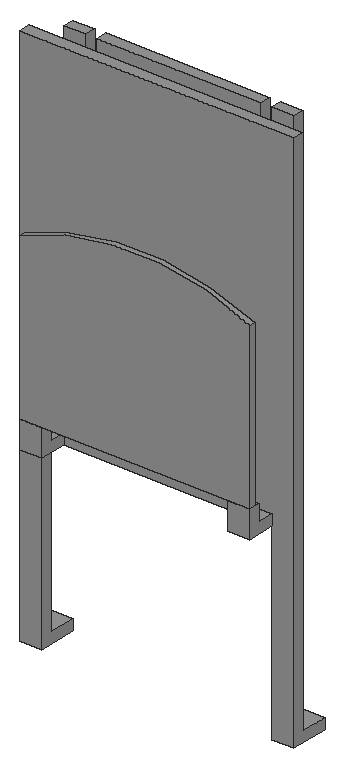
Revit family "banco", category Arredi, Revit 2013
Reference planes
  plane 1 "Centro (Fronte/Retro)": y = 0
  plane 2: z = 0
  plane 3 "Centro (Sinistra/Destra)": x = 0
Forms (mm)
  Extrusion 1, solid, material "Acciaio"
    sketch origin (0, 0, 0) x (1, 0, 0) y (0, 1, 0)
      loop
        line (0, 0) -> (500, 0) -> (500, 20) -> (0, 20) -> (0, 0)
    from 350 to 1000
  Extrusion 2, solid, material "Acciaio"
    sketch origin (0, 0, 0) x (1, 0, 0) y (0, 1, 0)
      loop
        line (0, 20) -> (0, 0) -> (40.017, 0) -> (40.017, 20) -> (0, 20)
      loop
        line (500, 20) -> (460.039, 20) -> (460.039, 0) -> (500, 0) -> (500, 20)
    from 0 to 350
  Extrusion 3, solid, material "Acciaio"
    sketch origin (0, 0, 0) x (0, 1, 0) y (0, 0, 1)
      loop
        line (20, 0) -> (70, 0) -> (70, 20) -> (20, 20) -> (20, 0)
    from 0 to 40
  Extrusion 4, solid, material "Acciaio"
    sketch origin (500, 0, 0) x (0, 1, 0) y (0, 0, 1)
      loop
        line (20, 0) -> (70, 0) -> (70, 20) -> (20, 20) -> (20, 0)
    from 0 to -40
  Extrusion 5, solid, material "Acciaio"
    sketch origin (0, 0, 0) x (1, 0, 0) y (0, 0, 1)
      loop
        line (40, 350) -> (80, 350) -> (80, 370) -> (40, 370) -> (40, 350)
      loop
        line (460, 350) -> (460, 370) -> (420, 370) -> (420, 350) -> (460, 350)
    from 0 to 30
  Extrusion 6, solid, material "Acciaio"
    sketch origin (0, -30, 0) x (1, 0, 0) y (0, 0, 1)
      loop
        line (40.017, 350) -> (80.017, 350) -> (80.017, 400) -> (40.017, 400) -> (40.017, 350)
      loop
        line (420, 350) -> (460, 350) -> (460, 400) -> (420, 400) -> (420, 350)
    from 0 to 20
  Extrusion 7, solid, material "Acero"
    sketch origin (0, -50, 0) x (1, 0, 0) y (0, 0, 1)
      loop
        line (40.017, 400) -> (460, 400) -> (460, 700)
        arc (460, 700) -> (250.008, 746.234) -> (40.017, 700) r 500
        line (40.017, 700) -> (40.017, 400)
    from 0 to -10
  Extrusion 8, solid, material "Acciaio"
    sketch origin (240, 20, 0) x (-1, 0, 0) y (0, 0, 1)
      loop
        line (-220, 700) -> (-180, 700) -> (-180, 720) -> (-220, 720) -> (-220, 700)
      loop
        line (200, 720) -> (160, 720) -> (160, 700) -> (200, 700) -> (200, 720)
    from 0 to 30
  Extrusion 9, solid, material "Acciaio"
    sketch origin (240, 50, 0) x (-1, 0, 0) y (0, 0, 1)
      loop
        line (-220, 700) -> (-180, 700) -> (-180, 1000) -> (-220, 1000) -> (-220, 700)
      loop
        line (160, 700) -> (200, 700) -> (200, 1000) -> (160, 1000) -> (160, 700)
    from 0 to 20
  Extrusion 10, solid, material "Acero"
    sketch origin (240, 70, 0) x (-1, 0, 0) y (0, 0, 1)
      loop
        line (160, 700) -> (160, 720) -> (140, 720) -> (140, 1000) -> (-160, 1000) -> (-160, 720) -> (-180, 720) -> (-180, 700) -> (160, 700)
    from 0 to -20
Cuts and joins
  joined: Extrusion 1, Extrusion 2, Extrusion 3, Extrusion 4, Extrusion 5, Extrusion 6, Extrusion 8, Extrusion 9
Dimensions and locks
  aligned and locked: level to plane 2
  aligned and locked: Extrusion 2 sketch curve to Extrusion 1  (x4)
  aligned and locked: Extrusion 2 sketch curve to plane 1 "Centro (Fronte/Retro)"
  aligned and locked: plane 1 "Centro (Fronte/Retro)" to Extrusion 2 sketch curve
  aligned and locked: Extrusion 2 to Extrusion 3 sketch curve
